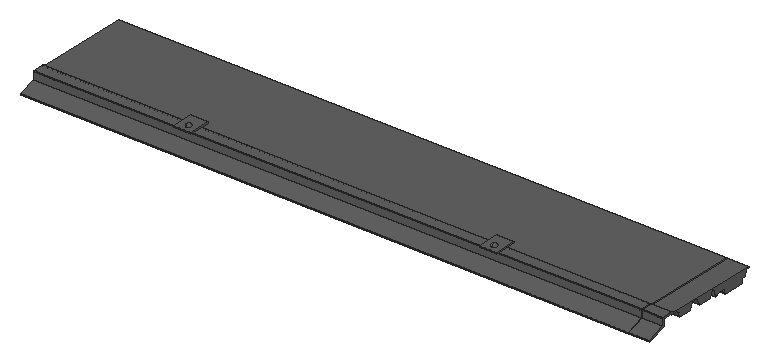
Revit family "NBS_TapcoRoofingProducts_DryFxngAbtmnts_Tapco_AbutmentVentilator", category Generic Models, Revit 2019
Family settings
  Can host rebar = No
  Round Connector Dimension = Use Diameter
  Part Type = Normal
  Cut with Voids When Loaded = No
  Shared = No
  Room Calculation Point = No
Parameters (values of type "Tapco_AbutmentVentilator")
  WarrantyStartDate [instance] = "1900-12-31T23:59:59"
  WarrantyGuarantorParts = "n/a"
  WarrantyGuarantorLabor = "n/a"
  WarrantyDurationUnit = "year"
  WarrantyDurationParts = "n/a"
  WarrantyDurationLabor = "n/a"
  WarrantyDescription = "40-years"
  Version = "1"  # constant formula
  VentilatorWidth = 203 mm  # constant formula
  VentilatorHeight = 24 mm  # constant formula
  Uniclass2015Version = "Products v1.20"
  Uniclass2015Title = "Dry fixing abutments"
  Uniclass2015Code = "Pr_35_90_93_27"
  ThermalTransmittance = 0
  TagNumber [instance] = "n/a"
  SustainabilityPerformance = "n/a"
  SurfaceSpreadOfFlame = "n/a"
  Status = "UNSET"
  Size = "1035 x 203 mm"
  Shape = "Rectangular"
  SerialNumber [instance] = "n/a"
  Revision = "n/a"
  ReplacementCost = "n/a"
  Reference = "n/a"
  ProductInformation = "https://www.tapcoroofingproducts.com/product/abutment-vent/"
  Pitch = "Suitable for pitches of 20° and above"
  NominalWidth = 203 mm
  NominalLength = 1035 mm
  NominalHeight = 24 mm
  Name = "DryFixingAbutments_Tapco_AbutmentVentilator_TapcoRoofingProducts"
  NBSReference = "45-80-90/372"
  NBSDescription = "Dry fixing abutments"
  NBSCertification = "www.nationalbimlibrary.com/cert/mabbzcmc"
  ModelReference = "Tapco_AbutmentVentilator"
  ModelNumber = "n/a"
  Material = "Acrylonitrile butadiene styrene (ABS)"
  ManufacturerURL = "www.tapcoroofingproducts.com"
  ManufacturerName = "Tapco Roofing Products"  # constant formula
  Manufacturer = "international@tapcoint.com"
  built-in parameter 1001306 [instance] = 1035 mm  # constant formula
  IsExternal = yes
  InstallationDate [instance] = "1900-12-31T23:59:59"
  IfcExportType = "ROOFING"  # constant formula
  IfcExportAs = "IfcCoveringType"  # constant formula
  Grade = "n/a"
  FragilityRating = "n/a"
  Form = "n/a"
  FlammabilityRating = "n/a"
  FireRating = "n/a"
  Finish = "Polymeric resin"
  Features = "Guaranteed 5000 mm²/m ventilation provision to comply with BS 5250 and Building Regulations, deluge and driving rain resistant as well as preventing large insect ingress, unobtrusive when installed. Hidden within the roof flashings, can be used with AluFlash, the lead-free alternative, each unit overlaps the next to ensure integrity of flashing, quick and easy to install. Does not affect the normal laying of the roof covering"
  ExpectedLife = "25+ years"
  DurationUnit = "year"
  Description = "Abutment Ventilator providing unobtrusive high-level ventilation in conjunction with lead roll details on slate and shake roofs"
  Constituents = "n/a"
  Combustible = yes
  Color = "Black"
  CodePerformance = "BS 5250"
  Category = "Pr_35_90_93_27:Dry fixing abutments"
  BarCode [instance] = "n/a"
  BIMObjectName = "NBS_TapcoRoofingProducts_DryFixingAbutments_Tapco_AbutmentVentilator"
  Author = "NBS"  # constant formula
  AssetType = "Fixed"
  AssetIdentifier [instance] = "n/a"
  Applications = "Suitable and recommended for all Tapco Roofing products, can be used in conjunction with traditional ‘lead roll’ details on slate and shake roofs, particularly suitable for Tapco Slate Classic tiles"
  AcousticRating = "n/a"
  Accessories = "n/a"
  AccessibilityPerformance = "n/a"
  AbutmentVentilatorMaterial = NBS_TapcoRoofingProducts_Acrylonitrilebutadienestyrene(ABS)_Black
Reference planes
  plane 1 "Center (Front/Back)": y = 0
  plane 2: z = 0
  plane 3 "Left": x = 0
  plane 4 "Right": x = 1035
  plane 5: z = 24
  plane 6 "Back": y = -203
  plane 7: z = 21.996
  plane 8: x = 232.873
  plane 9: x = 260.872
  plane 10: x = 735.984
  plane 11: x = 763.984
  plane 12: x = 1000
  plane 13: x = 749.984
  plane 14: x = 246.873
  plane 15: y = -161.871
  plane 16: y = -169.855
  plane 17: y = -165.863
Forms (mm)
  Extrusion 1, solid, material "NBS_TapcoRoofingProducts_Acrylonitrilebutadienestyrene(ABS)_Black" <- "AbutmentVentilatorMaterial", detail levels medium+fine
    sketch origin (0, 0, 0) x (0, 1, 0) y (0, 0, 1)
      loop
        line (0, 24) -> (-156, 24) -> (-156, 24.902)
        arc (-156, 24.902) -> (-156.32, 25.676) -> (-157.094, 25.996) r 1.094
        line (-157.094, 25.996) -> (-174.917, 26)
        arc (-174.917, 26) -> (-175.682, 25.679) -> (-175.999, 24.915) r 1.081
        line (-175.999, 24.915) -> (-175.999, 13.374) -> (-202.93, 3.916) -> (-202.267, 2.029) -> (-174, 11.959) -> (-174, 24) -> (-157.999, 24) -> (-157.999, 21.996) -> (-145.161, 21.996) -> (-140.162, 11.998) -> (-120.162, 11.998) -> (-115.164, 21.996) -> (-104.998, 21.996) -> (-100, 11.998) -> (-80.001, 11.998) -> (-75.001, 21.996) -> (-70, 21.996) -> (-67.501, 8.999) -> (-60, 11.998) -> (-47.5, 11.998) -> (-47.5, 6.063)
        arc (-47.5, 6.063) -> (-47.189, 5.313) -> (-46.439, 5.002) r 1.061
        line (-46.439, 5.002) -> (-13.579, 5.002)
        arc (-13.579, 5.002) -> (-12.815, 5.318) -> (-12.499, 6.082) r 1.08
        line (-12.499, 6.082) -> (-12.499, 11.998) -> (-7.499, 11.998) -> (-5, 21.996) -> (0, 21.996) -> (0, 24)
    from 0 to 1000
  Extrusion 2, solid, material "NBS_TapcoRoofingProducts_Acrylonitrilebutadienestyrene(ABS)_Black" <- "AbutmentVentilatorMaterial", detail levels coarse
    sketch origin (0, 0, 0) x (0, 1, 0) y (0, 0, 1)
      loop
        line (0, 21.996) -> (0, 24) -> (-156, 24) -> (-156, 26) -> (-175.999, 26) -> (-175.999, 13.374) -> (-202.93, 3.916) -> (-202.267, 2.029) -> (-174, 11.959) -> (-174, 21.996) -> (-145.161, 21.996) -> (-145.161, 5.002) -> (-5, 5.002) -> (-5, 21.996) -> (0, 21.996)
    from 0 to 1035
  Extrusion 3, solid, material "NBS_TapcoRoofingProducts_Acrylonitrilebutadienestyrene(ABS)_Black" <- "AbutmentVentilatorMaterial", detail levels fine
    sketch origin (0, 0, 0) x (1, 0, 0) y (0, 1, 0)
      loop
        line (232.873, -143.064) -> (232.873, -178.065) -> (260.872, -178.065) -> (260.872, -143.064) -> (232.873, -143.064)
      loop
        line (735.984, -143.064) -> (735.984, -178.065) -> (763.984, -178.065) -> (763.984, -143.064) -> (735.984, -143.064)
    from 26 to 28
  Revolve 4, solid, material "NBS_TapcoRoofingProducts_Acrylonitrilebutadienestyrene(ABS)_Black" <- "AbutmentVentilatorMaterial", detail levels fine
    sketch origin (246.873, 0, 0) x (0, 1, 0) y (0, 0, 1)
      loop
        line (-165.863, 28) -> (-165.863, 30.872)
        arc (-165.863, 30.872) -> (-168.321, 30.078) -> (-169.855, 28) r 4.219
        line (-169.855, 28) -> (-165.863, 28)
      axis (-165.863, 30.872) -> (-165.863, 28)
    angle from 0 to 360
  Revolve 5, solid, material "NBS_TapcoRoofingProducts_Acrylonitrilebutadienestyrene(ABS)_Black" <- "AbutmentVentilatorMaterial", detail levels fine
    sketch origin (750, 0, 0) x (0, 1, 0) y (0, 0, 1)
      loop
        line (-165.863, 28) -> (-165.863, 30.872)
        arc (-165.863, 30.872) -> (-168.321, 30.078) -> (-169.855, 28) r 4.219
        line (-169.855, 28) -> (-165.863, 28)
      axis (-165.863, 30.872) -> (-165.863, 28)
    angle from 0 to 360
  Extrusion 6, solid, material "NBS_TapcoRoofingProducts_Acrylonitrilebutadienestyrene(ABS)_Black" <- "AbutmentVentilatorMaterial", detail levels medium+fine
    sketch origin (1320, 0, 0) x (0, 1, 0) y (0, 0, 1)
      loop
        line (0, 24) -> (-156, 24) -> (-156, 24.902)
        arc (-156, 24.902) -> (-156.32, 25.676) -> (-157.094, 25.996) r 1.094
        line (-157.094, 25.996) -> (-174.917, 26)
        arc (-174.917, 26) -> (-175.682, 25.679) -> (-175.999, 24.915) r 1.081
        line (-175.999, 24.915) -> (-175.999, 13.374) -> (-202.93, 3.916) -> (-202.267, 2.029) -> (-174, 11.959) -> (-174, 24) -> (-157.999, 24) -> (-157.999, 21.996) -> (-145.161, 21.996) -> (-140.162, 11.998) -> (-120.162, 11.998) -> (-115.164, 21.996) -> (-104.998, 21.996) -> (-100, 11.998) -> (-80.001, 11.998) -> (-75.001, 21.996) -> (-70, 21.996) -> (-67.501, 8.999) -> (-60, 11.998) -> (-47.5, 11.998) -> (-47.5, 6.063)
        arc (-47.5, 6.063) -> (-47.189, 5.313) -> (-46.439, 5.002) r 1.061
        line (-46.439, 5.002) -> (-13.579, 5.002)
        arc (-13.579, 5.002) -> (-12.815, 5.318) -> (-12.499, 6.082) r 1.08
        line (-12.499, 6.082) -> (-12.499, 11.998) -> (-7.499, 11.998) -> (-5, 21.996) -> (0, 21.996) -> (0, 24)
    from -320 to -285
Lines and regions (mm)
  reference lines
    curve 1: line (0, 0, 0) -> (1035, 0, 0)
Dimensions and locks
  "built-in parameter 1001306": plane 3 "Left" to plane 4 "Right"
  "VentilatorHeight": plane 5 to plane 2
  "VentilatorWidth": plane 1 "Center (Front/Back)" to plane 6 "Back"
  locked: plane 5 to plane 7 at 2.004
  locked: plane 8 to plane 9 at 27.999
  locked: plane 10 to plane 11 at 28
  locked: plane 3 "Left" to plane 9 at 260.872
  locked: plane 9 to plane 11 at 503.112
  locked: plane 12 to plane 4 "Right" at 35
  equal spacing: plane 8, plane 14, plane 9
  plane 8 to plane 9 = 27.999 mm
  equal spacing: plane 10, plane 13, plane 11
  plane 10 to plane 11 = 28 mm
  equal spacing: plane 15, plane 17, plane 16
  locked: plane 15 to plane 16 at 7.984
  aligned and locked: plane 4 "Right" to curve 1
  aligned and locked: plane 1 "Center (Front/Back)" to curve 1
  aligned and locked: plane 3 "Left" to curve 1
  aligned and locked: level to plane 2
  aligned and locked: plane 7 to Extrusion 1 sketch curve
  aligned and locked: plane 1 "Center (Front/Back)" to Extrusion 1 sketch curve
  aligned and locked: Extrusion 1 sketch curve to plane 5
  aligned and locked: Extrusion 1 to plane 3 "Left"
  aligned and locked: Extrusion 2 to plane 3 "Left"
  aligned and locked: Extrusion 1 to plane 12
  aligned and locked: plane 8 to Extrusion 3 sketch curve
  aligned and locked: Extrusion 3 sketch curve to plane 9
  aligned and locked: Extrusion 3 sketch curve to plane 10
  aligned and locked: plane 11 to Extrusion 3 sketch curve
  aligned and locked: Extrusion 3 to Extrusion 1
  aligned and locked: plane 12 to Extrusion 6
  aligned and locked: plane 4 "Right" to Extrusion 6
  aligned and locked: Extrusion 2 sketch curve to Extrusion 2 sketch curve  (x2)
  aligned and locked: Extrusion 2 sketch curve to Extrusion 1
Automatic sketch dimensions
  Extrusion 1 sketch curve to plane 5 = 0 mm
  Extrusion 1 sketch curve to plane 7 = 0 mm  (x3)
  plane 1 "Center (Front/Back)" to Extrusion 1 sketch curve = 5 mm
  plane 1 "Center (Front/Back)" to Extrusion 1 sketch curve = 7.499 mm
  Extrusion 1 sketch curve to Extrusion 1 sketch curve = 5 mm  (x3)
  Extrusion 1 sketch curve to Extrusion 1 sketch curve = 1.08 mm
  level to Extrusion 1 sketch curve = 6.063 mm
  Extrusion 1 sketch curve to Extrusion 1 sketch curve = 32.861 mm
  Extrusion 1 sketch curve to Extrusion 1 sketch curve = 1.061 mm
  Extrusion 1 sketch curve to plane 7 = 9.998 mm  (x3)
  Extrusion 1 sketch curve to Extrusion 1 sketch curve = 12.5 mm
  level to Extrusion 1 sketch curve = 8.999 mm
  Extrusion 1 sketch curve to Extrusion 1 sketch curve = 7.501 mm
  Extrusion 1 sketch curve to Extrusion 1 sketch curve = 2.499 mm
  Extrusion 1 sketch curve to Extrusion 1 sketch curve = 5.001 mm
  Extrusion 1 sketch curve to Extrusion 1 sketch curve = 19.999 mm
  Extrusion 1 sketch curve to Extrusion 1 sketch curve = 4.999 mm
  Extrusion 1 sketch curve to Extrusion 1 sketch curve = 10.166 mm
  Extrusion 1 sketch curve to Extrusion 1 sketch curve = 4.998 mm
  Extrusion 1 sketch curve to Extrusion 1 sketch curve = 20 mm
  plane 15 to Extrusion 1 sketch curve = 5.871 mm
  Extrusion 1 sketch curve to Extrusion 1 sketch curve = 1.094 mm
  Extrusion 1 sketch curve to Extrusion 1 sketch curve = 1.999 mm  (x2)
  Extrusion 1 sketch curve to plane 16 = 4.145 mm
  Extrusion 1 sketch curve to Extrusion 1 sketch curve = 0.918 mm
  Extrusion 1 sketch curve to plane 6 "Back" = 0.733 mm
  Extrusion 1 sketch curve to plane 6 "Back" = 0.07 mm
  level to Extrusion 1 sketch curve = 3.916 mm
  Extrusion 1 sketch curve to Extrusion 1 sketch curve = 1.887 mm
  Extrusion 1 sketch curve to Extrusion 1 sketch curve = 1.415 mm
  Extrusion 1 sketch curve to Extrusion 1 sketch curve = 5.916 mm
  plane 5 to Extrusion 1 sketch curve = 0.902 mm
  plane 5 to Extrusion 1 sketch curve = 0.915 mm
  Extrusion 1 sketch curve to Extrusion 1 sketch curve = 0 mm  (x2)
  Extrusion 1 sketch curve to Extrusion 1 sketch curve = 0.004 mm
  Extrusion 3 sketch curve to plane 16 = 8.21 mm  (x2)
  plane 15 to Extrusion 3 sketch curve = 18.807 mm  (x2)
  Revolve 4 sketch curve to plane 16 = 0 mm
  Revolve 4 sketch curve to plane 17 = 0 mm  (x2)
  plane 17 to Revolve 4 sketch curve = 0.006 mm
  plane 5 to Revolve 4 sketch curve = 2.653 mm
  Revolve 4 sketch curve to Revolve 4 sketch curve = 1.347 mm
  Revolve 4 sketch curve to Revolve 4 sketch curve = 0 mm
  Revolve 4 sketch curve to Revolve 4 sketch curve = 1.617 mm
  Revolve 5 sketch curve to plane 16 = 0 mm
  Revolve 5 sketch curve to plane 17 = 0 mm  (x2)
  plane 17 to Revolve 5 sketch curve = 0.006 mm
  plane 5 to Revolve 5 sketch curve = 2.653 mm
  Revolve 5 sketch curve to Revolve 5 sketch curve = 1.347 mm
  Revolve 5 sketch curve to Revolve 5 sketch curve = 0 mm
  Revolve 5 sketch curve to Revolve 5 sketch curve = 1.617 mm
  Extrusion 6 sketch curve to plane 5 = 0 mm  (x2)
  Extrusion 6 sketch curve to plane 7 = 0 mm  (x4)
  Extrusion 6 sketch curve to plane 1 "Center (Front/Back)" = 0 mm
  plane 1 "Center (Front/Back)" to Extrusion 6 sketch curve = 5 mm
  plane 1 "Center (Front/Back)" to Extrusion 6 sketch curve = 7.499 mm
  Extrusion 6 sketch curve to Extrusion 6 sketch curve = 5 mm  (x3)
  Extrusion 6 sketch curve to Extrusion 6 sketch curve = 1.08 mm
  level to Extrusion 6 sketch curve = 6.063 mm
  Extrusion 6 sketch curve to Extrusion 6 sketch curve = 32.861 mm
  Extrusion 6 sketch curve to Extrusion 6 sketch curve = 1.061 mm
  Extrusion 6 sketch curve to plane 7 = 9.998 mm  (x3)
  Extrusion 6 sketch curve to Extrusion 6 sketch curve = 12.5 mm
  level to Extrusion 6 sketch curve = 8.999 mm
  Extrusion 6 sketch curve to Extrusion 6 sketch curve = 7.501 mm
  Extrusion 6 sketch curve to Extrusion 6 sketch curve = 2.499 mm
  Extrusion 6 sketch curve to Extrusion 6 sketch curve = 5.001 mm
  Extrusion 6 sketch curve to Extrusion 6 sketch curve = 19.999 mm
  Extrusion 6 sketch curve to Extrusion 6 sketch curve = 4.999 mm
  Extrusion 6 sketch curve to Extrusion 6 sketch curve = 10.166 mm
  Extrusion 6 sketch curve to Extrusion 6 sketch curve = 4.998 mm
  Extrusion 6 sketch curve to Extrusion 6 sketch curve = 20 mm
  plane 15 to Extrusion 6 sketch curve = 5.871 mm
  Extrusion 6 sketch curve to Extrusion 6 sketch curve = 1.094 mm
  Extrusion 6 sketch curve to Extrusion 6 sketch curve = 1.999 mm  (x2)
  Extrusion 6 sketch curve to plane 16 = 4.145 mm
  Extrusion 6 sketch curve to Extrusion 6 sketch curve = 0.918 mm
  Extrusion 6 sketch curve to plane 6 "Back" = 0.733 mm
  Extrusion 6 sketch curve to plane 6 "Back" = 0.07 mm
  level to Extrusion 6 sketch curve = 3.916 mm
  Extrusion 6 sketch curve to Extrusion 6 sketch curve = 1.887 mm
  Extrusion 6 sketch curve to Extrusion 6 sketch curve = 1.415 mm
  Extrusion 6 sketch curve to Extrusion 6 sketch curve = 5.916 mm
  plane 5 to Extrusion 6 sketch curve = 0.902 mm
  plane 5 to Extrusion 6 sketch curve = 0.915 mm
  Extrusion 6 sketch curve to Extrusion 6 sketch curve = 0 mm  (x2)
  Extrusion 6 sketch curve to Extrusion 6 sketch curve = 0.004 mm
  Extrusion 2 sketch curve to plane 5 = 0 mm
  Extrusion 2 sketch curve to plane 1 "Center (Front/Back)" = 0 mm
  Extrusion 2 sketch curve to plane 7 = 0 mm  (x2)
  level to Extrusion 2 sketch curve = 5.002 mm
  plane 15 to Extrusion 2 sketch curve = 16.71 mm
  plane 5 to Extrusion 2 sketch curve = 2 mm
  plane 15 to Extrusion 2 sketch curve = 5.871 mm
  Extrusion 2 sketch curve to plane 16 = 4.145 mm
  Extrusion 2 sketch curve to Extrusion 2 sketch curve = 1.999 mm
  Extrusion 2 sketch curve to plane 6 "Back" = 0.733 mm
  Extrusion 2 sketch curve to plane 6 "Back" = 0.07 mm
  level to Extrusion 2 sketch curve = 3.916 mm
  Extrusion 2 sketch curve to Extrusion 2 sketch curve = 1.887 mm
  Extrusion 2 sketch curve to Extrusion 2 sketch curve = 1.415 mm
